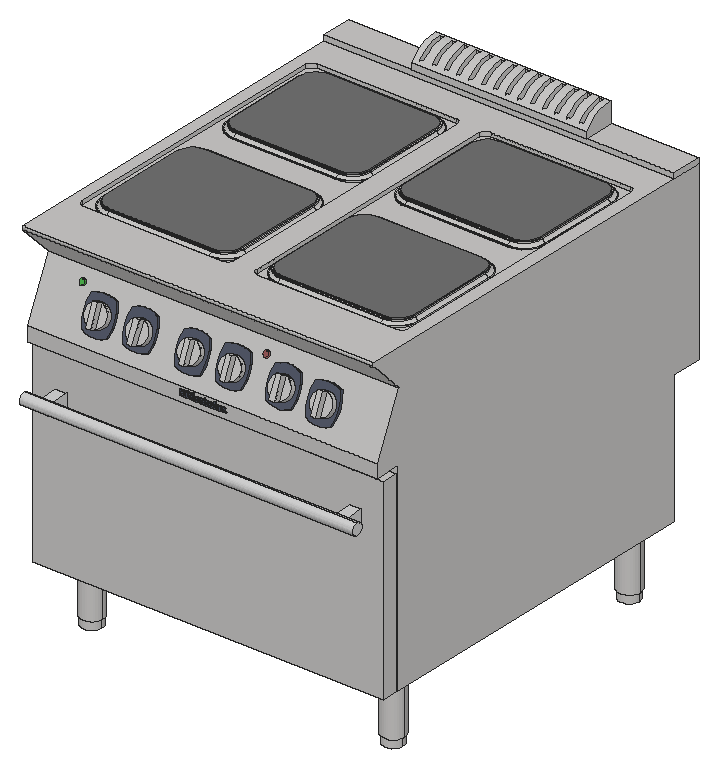
Revit family "QF_ELECTROLUXPROFESSIONAL_391167_E9ECEH4QEN", category Specialty Equipment, Revit 2018
Family settings
  Round Connector Dimension = Use Diameter
  Part Type = Normal
  Work Plane-Based = No
  Always vertical = Yes
  Cut with Voids When Loaded = No
  Shared = No
  Room Calculation Point = No
Parameters
  Width = 800 mm  # constant formula
  Weight in Pounds = 145  # constant formula
  Watts = 22000 VA  # 22000 W
  Volts = 230 V  # constant formula
  URL Cutsheet = "www.electrolux.com/foodservice"
  URL = "www.electrolux.com/foodservice"
  Type Mark [instance] = ""
  Status [instance] = ""
  Specification by User [instance] = ""
  Specification by Manufacturer = ""
  Show Logo [instance] = yes
  Show Clearance [instance] = yes
  Serial Number = ""
  Seismic Rating = ""
  SMACNA No = ""
  Revision Code [instance] = ""
  Phase = 3  # constant formula
  Omniclass Number and Title = ""
  Number of Poles [instance] = 1
  NAFEM Spec ID Number = ""
  Model = "391167"
  Min Ckt Ampacity = 0 A
  Max Overcurrent Protection = 0 A
  Masterspec = ""
  Manufacturer = "ELECTROLUX"
  Item Number [instance] = ""
  Installed By [instance] = ""
  Identify Quantity as Lot [instance] = yes
  Height = 909 mm  # constant formula
  HP = "29.5 HP"
  Furnished By [instance] = ""
  Foodservice Equipment Identifier [instance] = yes
  FL Amps = if(Phase = 3, Watts / (Volts * 1.73), Watts / Volts)  # 55.2903 A
  Electrical Remarks [instance] = "400 V/3N ph/50/60 Hz"  # constant formula
  Electric Connection Type [instance] = ""
  Elec Conn RI Height [instance] = 0 mm
  Elec Conn Connection Height [instance] = 0 mm
  Direct Waste Size = 0"
  Description = "900XP 4 ELECTRIC HOT PLATE 4kW ON ELECTRIC OVEN 230V"
  Depth = 930 mm  # constant formula
  Cycle = if([60 Hertz Option], 60 Hz, 50 Hz)  # 60 Hz
  Conn Plug = ""
  Conn Conduit = yes
  CSI MasterFormat = ""
  CSI Master Format = ""
  Base Height [instance] = 150 mm  # constant formula
  Apparent Power = if(Phase = 3, Volts * FL Amps * 1.73, Volts * FL Amps)  # 22000 VA
  60 Hertz Option = not([50 Hertz Option])  # yes
  50 Hertz Option = no
Reference planes
  plane 1 "BACK": y = 0
  plane 2: z = 0
  plane 3 "LEFT": x = 0
  plane 4 "RIGHT": x = 800
  plane 5 "FRONT": y = -930
  plane 6 "TOP": z = 851
  plane 7 "Center Y": x = 400
  plane 8 "Center X": y = -465
  plane 9 "BASE": z = 150
  plane 10: y = -802
  plane 11: y = -915
  plane 12: y = -128
  plane 13: y = -609
  plane 14: y = -583
  plane 15: x = 56
  plane 16: x = 744
  plane 17: z = 909
  plane 18: y = -1309
Forms (mm)
  Extrusion 1, solid, material "QF_Finishes_Stainless Steel"
    sketch origin (0, 0, 0) x (0, 1, 0) y (0, 0, 1)
      loop
        line (0, 851) -> (-928.041, 851)
        arc (-928.041, 851) -> (-929.999, 846.526) -> (-928.201, 841.985) r 6.35
        line (-928.201, 841.985) -> (-856.039, 767.809) -> (-915, 639.041) -> (-915, 606.789) -> (-859.023, 612.7) -> (-859.023, 150) -> (-71, 150) -> (-71, 450) -> (0, 450) -> (0, 851)
    from 0 to 800
  Extrusion 2, void
    sketch origin (0, -198.623, 849.237) x (-1, 0, 0) y (0, -1, 0)
      loop
        arc (-42.5, -55.089) -> (-31.893, -50.696) -> (-27.5, -40.089) r 15
        line (-27.5, -40.089) -> (-27.5, 595.262)
        arc (-27.5, 595.262) -> (-31.893, 605.868) -> (-42.5, 610.262) r 15
        line (-42.5, 610.262) -> (-359.751, 610.262)
        arc (-359.751, 610.262) -> (-370.358, 605.868) -> (-374.751, 595.262) r 15
        line (-374.751, 595.262) -> (-374.751, -40.089)
        arc (-374.751, -40.089) -> (-370.358, -50.696) -> (-359.751, -55.089) r 15
        line (-359.751, -55.089) -> (-42.5, -55.089)
      loop
        line (-757.5, -55.089) -> (-440.249, -55.089)
        arc (-440.249, -55.089) -> (-429.642, -50.696) -> (-425.249, -40.089) r 15
        line (-425.249, -40.089) -> (-425.249, 595.262)
        arc (-425.249, 595.262) -> (-429.642, 605.868) -> (-440.249, 610.262) r 15
        line (-440.249, 610.262) -> (-757.5, 610.262)
        arc (-757.5, 610.262) -> (-768.107, 605.868) -> (-772.5, 595.262) r 15
        line (-772.5, 595.262) -> (-772.5, -40.089)
        arc (-772.5, -40.089) -> (-768.107, -50.696) -> (-757.5, -55.089) r 15
    from 1.763 to -6.35
  Extrusion 3, solid, material "QF_Clearances", visible <- "Show Clearance", detail levels coarse
    sketch origin (0, -198.623, 634) x (1, 0, 0) y (0, 1, 0)
      loop
        line (0, -731.377) -> (0, 198.623) -> (800, 198.623) -> (800, -731.377) -> (900.019, -731.377) -> (900.019, 298.642) -> (-100.019, 298.642) -> (-100.019, -731.377) -> (0, -731.377)
    from -634 to 333
  Extrusion 4, solid, material "QF_Finishes_Stainless Steel"
    sketch origin (0, -198.623, 842.887) x (-1, 0, 0) y (0, -1, 0)
      loop
        arc (-86.725, 312.377) -> (-58.441, 324.092) -> (-46.725, 352.377) r 40
        line (-46.725, 352.377) -> (-46.725, 553.377)
        arc (-46.725, 553.377) -> (-58.441, 581.661) -> (-86.725, 593.377) r 40
        line (-86.725, 593.377) -> (-321.725, 593.377)
        arc (-321.725, 593.377) -> (-350.009, 581.661) -> (-361.725, 553.377) r 40
        line (-361.725, 553.377) -> (-361.725, 352.377)
        arc (-361.725, 352.377) -> (-350.009, 324.092) -> (-321.725, 312.377) r 40
        line (-321.725, 312.377) -> (-86.725, 312.377)
      loop
        line (-86.725, 230.796) -> (-321.725, 230.796)
        arc (-321.725, 230.796) -> (-350.009, 219.08) -> (-361.725, 190.796) r 40
        line (-361.725, 190.796) -> (-361.725, 1.796)
        arc (-361.725, 1.796) -> (-350.009, -26.488) -> (-321.725, -38.204) r 40
        line (-321.725, -38.204) -> (-86.725, -38.204)
        arc (-86.725, -38.204) -> (-58.441, -26.488) -> (-46.725, 1.796) r 40
        line (-46.725, 1.796) -> (-46.725, 190.796)
        arc (-46.725, 190.796) -> (-58.441, 219.08) -> (-86.725, 230.796) r 40
      loop
        line (-713.275, 312.377) -> (-478.275, 312.377)
        arc (-478.275, 312.377) -> (-449.991, 324.092) -> (-438.275, 352.377) r 40
        line (-438.275, 352.377) -> (-438.275, 553.377)
        arc (-438.275, 553.377) -> (-449.991, 581.661) -> (-478.275, 593.377) r 40
        line (-478.275, 593.377) -> (-713.275, 593.377)
        arc (-713.275, 593.377) -> (-741.559, 581.661) -> (-753.275, 553.377) r 40
        line (-753.275, 553.377) -> (-753.275, 352.377)
        arc (-753.275, 352.377) -> (-741.559, 324.092) -> (-713.275, 312.377) r 40
      loop
        arc (-713.275, 230.796) -> (-741.559, 219.08) -> (-753.275, 190.796) r 40
        line (-753.275, 190.796) -> (-753.275, 1.796)
        arc (-753.275, 1.796) -> (-741.559, -26.488) -> (-713.275, -38.204) r 40
        line (-713.275, -38.204) -> (-478.275, -38.204)
        arc (-478.275, -38.204) -> (-449.991, -26.488) -> (-438.275, 1.796) r 40
        line (-438.275, 1.796) -> (-438.275, 190.796)
        arc (-438.275, 190.796) -> (-449.991, 219.08) -> (-478.275, 230.796) r 40
        line (-478.275, 230.796) -> (-713.275, 230.796)
    from 0 to 10
  Sweep 5, solid, material "QF_Finishes_Stainless Steel"
    path origin (0, -198.623, 852.887) x (-1, 0, 0) y (0, -1, 0)
      loop
        line (-46.725, 352.377) -> (-46.725, 553.377)
        arc (-46.725, 553.377) -> (-58.441, 581.661) -> (-86.725, 593.377) r 40
        line (-86.725, 593.377) -> (-321.725, 593.377)
        arc (-321.725, 593.377) -> (-350.009, 581.661) -> (-361.725, 553.377) r 40
        line (-361.725, 553.377) -> (-361.725, 352.377)
        arc (-361.725, 352.377) -> (-350.009, 324.092) -> (-321.725, 312.377) r 40
        line (-321.725, 312.377) -> (-86.725, 312.377)
        arc (-86.725, 312.377) -> (-58.441, 324.092) -> (-46.725, 352.377) r 40
    profile origin (46.725, -651.5, 852.887) x (1, 0, 0) y (0, 0, 1)
      loop
        arc (0, -1.759) -> (-2.638, -5.472) -> (-6.35, -8.109) r 13.651
        line (-6.35, -8.109) -> (-8.064, -8.109) -> (-8.064, -10) -> (0, -10) -> (0, -1.759)
  Sweep 6, solid, material "QF_Finishes_Stainless Steel"
    path origin (0, 151.957, 852.887) x (-1, 0, 0) y (0, -1, 0)
      loop
        line (-46.725, 352.377) -> (-46.725, 541.377)
        arc (-46.725, 541.377) -> (-58.441, 569.661) -> (-86.725, 581.377) r 40
        line (-86.725, 581.377) -> (-321.725, 581.377)
        arc (-321.725, 581.377) -> (-350.009, 569.661) -> (-361.725, 541.377) r 40
        line (-361.725, 541.377) -> (-361.725, 352.377)
        arc (-361.725, 352.377) -> (-350.009, 324.092) -> (-321.725, 312.377) r 40
        line (-321.725, 312.377) -> (-86.725, 312.377)
        arc (-86.725, 312.377) -> (-58.441, 324.092) -> (-46.725, 352.377) r 40
    profile origin (46.725, -294.919, 852.887) x (1, 0, 0) y (0, 0, 1)
      loop
        arc (0, -1.759) -> (-2.638, -5.472) -> (-6.35, -8.109) r 13.651
        line (-6.35, -8.109) -> (-8.064, -8.109) -> (-8.064, -10) -> (0, -10) -> (0, -1.759)
  Extrusion 7, solid, material "QF_Finishes_Rubber Black"
    sketch origin (0, -198.623, 852.887) x (-1, 0, 0) y (0, -1, 0)
      loop
        arc (-49.725, 190.796) -> (-60.562, 216.959) -> (-86.725, 227.796) r 37
        line (-86.725, 227.796) -> (-321.725, 227.796)
        arc (-321.725, 227.796) -> (-347.888, 216.959) -> (-358.725, 190.796) r 37
        line (-358.725, 190.796) -> (-358.725, 1.796)
        arc (-358.725, 1.796) -> (-347.888, -24.367) -> (-321.725, -35.204) r 37
        line (-321.725, -35.204) -> (-86.725, -35.204)
        arc (-86.725, -35.204) -> (-60.562, -24.367) -> (-49.725, 1.796) r 37
        line (-49.725, 1.796) -> (-49.725, 190.796)
      loop
        arc (-86.725, 315.377) -> (-60.562, 326.214) -> (-49.725, 352.377) r 37
        line (-49.725, 352.377) -> (-49.725, 553.377)
        arc (-49.725, 553.377) -> (-60.562, 579.54) -> (-86.725, 590.377) r 37
        line (-86.725, 590.377) -> (-321.725, 590.377)
        arc (-321.725, 590.377) -> (-347.888, 579.54) -> (-358.725, 553.377) r 37
        line (-358.725, 553.377) -> (-358.725, 352.377)
        arc (-358.725, 352.377) -> (-347.888, 326.214) -> (-321.725, 315.377) r 37
        line (-321.725, 315.377) -> (-86.725, 315.377)
      loop
        line (-750.275, 190.796) -> (-750.275, 1.796)
        arc (-750.275, 1.796) -> (-739.438, -24.367) -> (-713.275, -35.204) r 37
        line (-713.275, -35.204) -> (-478.275, -35.204)
        arc (-478.275, -35.204) -> (-452.112, -24.367) -> (-441.275, 1.796) r 37
        line (-441.275, 1.796) -> (-441.275, 190.796)
        arc (-441.275, 190.796) -> (-452.112, 216.959) -> (-478.275, 227.796) r 37
        line (-478.275, 227.796) -> (-713.275, 227.796)
        arc (-713.275, 227.796) -> (-739.438, 216.959) -> (-750.275, 190.796) r 37
      loop
        line (-713.275, 315.377) -> (-478.275, 315.377)
        arc (-478.275, 315.377) -> (-452.112, 326.214) -> (-441.275, 352.377) r 37
        line (-441.275, 352.377) -> (-441.275, 553.377)
        arc (-441.275, 553.377) -> (-452.112, 579.54) -> (-478.275, 590.377) r 37
        line (-478.275, 590.377) -> (-713.275, 590.377)
        arc (-713.275, 590.377) -> (-739.438, 579.54) -> (-750.275, 553.377) r 37
        line (-750.275, 553.377) -> (-750.275, 352.377)
        arc (-750.275, 352.377) -> (-739.438, 326.214) -> (-713.275, 315.377) r 37
    from 0 to 2
  Extrusion 8, solid, material "QF_Finishes_Green"
    sketch origin (8.75, -915, 639.041) x (0, 0.416318, 0.909219) y (-1, 0, 0)
      loop
        circle (111.946, -80.648) r 6.35
    from 0 to 3.175
  Extrusion 9, solid, material "QF_Finishes_Stainless Steel"
    sketch origin (-24.783, -926.544, 650) x (0, 0.421077, 0.907025) y (-1, 0, 0)
      loop
        line (85.433, -162.517) -> (35.969, -162.517)
        arc (35.969, -162.517) -> (35.301, -168.303) -> (35.969, -174.089) r 25.4
        line (35.969, -174.089) -> (85.433, -174.089)
        arc (85.433, -174.089) -> (86.101, -168.303) -> (85.433, -162.517) r 25.4
      loop
        line (85.433, -257.517) -> (35.969, -257.517)
        arc (35.969, -257.517) -> (35.301, -263.303) -> (35.969, -269.089) r 25.4
        line (35.969, -269.089) -> (85.433, -269.089)
        arc (85.433, -269.089) -> (86.101, -263.303) -> (85.433, -257.517) r 25.4
      loop
        line (85.433, -375.017) -> (35.969, -375.017)
        arc (35.969, -375.017) -> (35.301, -380.803) -> (35.969, -386.589) r 25.4
        line (35.969, -386.589) -> (85.433, -386.589)
        arc (85.433, -386.589) -> (86.101, -380.803) -> (85.433, -375.017) r 25.4
      loop
        line (85.433, -468.767) -> (35.969, -468.767)
        arc (35.969, -468.767) -> (35.301, -474.553) -> (35.969, -480.339) r 25.4
        line (35.969, -480.339) -> (85.433, -480.339)
        arc (85.433, -480.339) -> (86.101, -474.553) -> (85.433, -468.767) r 25.4
      loop
        line (85.433, -582.517) -> (35.969, -582.517)
        arc (35.969, -582.517) -> (35.301, -588.303) -> (35.969, -594.089) r 25.4
        line (35.969, -594.089) -> (85.433, -594.089)
        arc (85.433, -594.089) -> (86.101, -588.303) -> (85.433, -582.517) r 25.4
      loop
        line (85.433, -677.517) -> (35.969, -677.517)
        arc (35.969, -677.517) -> (35.301, -683.303) -> (35.969, -689.089) r 25.4
        line (35.969, -689.089) -> (85.433, -689.089)
        arc (85.433, -689.089) -> (86.101, -683.303) -> (85.433, -677.517) r 25.4
    from 0 to 12.7
  Extrusion 10, solid, material "QF_Finishes_Stainless Steel"
    sketch origin (417.5, -915.025, 642.777) x (0, 0.421077, 0.907025) y (-1, 0, 0)
      loop
        circle (62.576, 274.037) r 25.4
      loop
        circle (62.576, 179.037) r 25.4
      loop
        circle (62.576, 61.537) r 25.4
      loop
        circle (62.576, -32.213) r 25.4
      loop
        circle (62.576, -145.963) r 25.4
      loop
        circle (62.576, -240.963) r 25.4
    from 0 to 12.7
  Extrusion 11, solid, material "QF_Finishes_Stainless Steel"
    sketch origin (0, -117, 150) x (-1, 0, 0) y (0, 1, 0)
      loop
        circle (-753, -596) r 12.7
    from 0 to 12.7
  Extrusion 12, solid, material "QF_Finishes_Stainless Steel"
    sketch origin (0, -117, 150) x (-1, 0, 0) y (0, 1, 0)
      loop
        circle (-757, -459) r 12.7
    from 0 to 12.7
  Extrusion 13, solid, material "QF_Finishes_Navy Blue - Electrolux"
    sketch origin (0, -915, 639.041) x (0, 0.416318, 0.909219) y (-1, 0, 0)
      loop
        arc (103.364, -265.26) -> (110.078, -236.685) -> (103.364, -208.11) r 64.16
        arc (103.364, -208.11) -> (68.487, -201.089) -> (33.619, -208.154) r 89.853
        arc (33.619, -208.154) -> (26.924, -236.685) -> (33.619, -265.215) r 64.14
        arc (33.619, -265.215) -> (68.487, -272.277) -> (103.364, -265.26) r 89.894
      loop
        arc (100.864, -172.403) -> (107.578, -143.828) -> (100.864, -115.253) r 64.16
        arc (100.864, -115.253) -> (65.987, -108.232) -> (31.119, -115.297) r 89.853
        arc (31.119, -115.297) -> (24.424, -143.828) -> (31.119, -172.359) r 64.14
        arc (31.119, -172.359) -> (65.987, -179.42) -> (100.864, -172.403) r 89.894
      loop
        arc (103.364, -534.74) -> (68.487, -527.723) -> (33.619, -534.785) r 89.894
        arc (33.619, -534.785) -> (26.924, -563.315) -> (33.619, -591.846) r 64.14
        arc (33.619, -591.846) -> (68.487, -598.911) -> (103.364, -591.89) r 89.853
        arc (103.364, -591.89) -> (110.078, -563.315) -> (103.364, -534.74) r 64.16
      loop
        arc (100.864, -627.597) -> (65.987, -620.58) -> (31.119, -627.641) r 89.894
        arc (31.119, -627.641) -> (24.424, -656.172) -> (31.119, -684.703) r 64.14
        arc (31.119, -684.703) -> (65.987, -691.768) -> (100.864, -684.747) r 89.853
        arc (100.864, -684.747) -> (107.578, -656.172) -> (100.864, -627.597) r 64.16
      loop
        arc (103.364, -477.479) -> (110.078, -448.904) -> (103.364, -420.329) r 64.16
        arc (103.364, -420.329) -> (68.487, -413.308) -> (33.619, -420.374) r 89.853
        arc (33.619, -420.374) -> (26.924, -448.904) -> (33.619, -477.435) r 64.14
        arc (33.619, -477.435) -> (68.487, -484.496) -> (103.364, -477.479) r 89.894
      loop
        arc (100.864, -384.622) -> (107.578, -356.047) -> (100.864, -327.472) r 64.16
        arc (100.864, -327.472) -> (65.987, -320.452) -> (31.119, -327.517) r 89.853
        arc (31.119, -327.517) -> (24.424, -356.047) -> (31.119, -384.578) r 64.14
        arc (31.119, -384.578) -> (65.987, -391.64) -> (100.864, -384.622) r 89.894
    from 0 to 4
  Extrusion 14, void
    sketch origin (200, 0, 849.237) x (-1, 0, 0) y (0, -1, 0)
      loop
        line (-13.453, 6.761) -> (-13.453, 61.923) -> (-22.749, 61.923) -> (-22.749, 6.761) -> (-13.453, 6.761)
    from 25.4 to 63.5
  Extrusion 15, void
    sketch origin (600.05, 0, 849.237) x (1, 0, 0) y (0, 1, 0)
      loop
        line (-13.503, -6.761) -> (-22.799, -6.761) -> (-22.799, -61.923) -> (-13.503, -61.923) -> (-13.503, -6.761)
    from 25.4 to 63.5
  Extrusion 16, void
    sketch origin (227.988, 0, 849.237) x (-1, 0, 0) y (0, -1, 0)
      loop
        line (-13.453, 6.761) -> (-13.453, 61.923) -> (-22.749, 61.923) -> (-22.749, 6.761) -> (-13.453, 6.761)
    from 25.4 to 63.5
  Extrusion 17, void
    sketch origin (255.977, 0, 849.237) x (-1, 0, 0) y (0, -1, 0)
      loop
        line (-13.453, 6.761) -> (-13.453, 61.923) -> (-22.749, 61.923) -> (-22.749, 6.761) -> (-13.453, 6.761)
    from 25.4 to 63.5
  Extrusion 18, void
    sketch origin (283.965, 0, 849.237) x (-1, 0, 0) y (0, -1, 0)
      loop
        line (-13.428, 6.761) -> (-13.428, 61.923) -> (-22.724, 61.923) -> (-22.724, 6.761) -> (-13.428, 6.761)
    from 25.4 to 63.5
  Extrusion 19, void
    sketch origin (311.953, 0, 849.237) x (-1, 0, 0) y (0, -1, 0)
      loop
        line (-13.428, 6.761) -> (-13.428, 61.923) -> (-22.724, 61.923) -> (-22.724, 6.761) -> (-13.428, 6.761)
    from 25.4 to 63.5
  Extrusion 20, void
    sketch origin (339.942, 0, 849.237) x (-1, 0, 0) y (0, -1, 0)
      loop
        line (-13.428, 6.761) -> (-13.428, 61.923) -> (-22.724, 61.923) -> (-22.724, 6.761) -> (-13.428, 6.761)
    from 25.4 to 63.5
  Extrusion 21, void
    sketch origin (367.93, 0, 849.237) x (-1, 0, 0) y (0, -1, 0)
      loop
        line (-13.428, 6.761) -> (-13.428, 61.923) -> (-22.724, 61.923) -> (-22.724, 6.761) -> (-13.428, 6.761)
    from 25.4 to 63.5
  Extrusion 22, void
    sketch origin (395.918, 0, 849.237) x (-1, 0, 0) y (0, -1, 0)
      loop
        line (-13.428, 6.761) -> (-13.428, 61.923) -> (-22.724, 61.923) -> (-22.724, 6.761) -> (-13.428, 6.761)
    from 25.4 to 63.5
  Extrusion 23, void
    sketch origin (423.907, 0, 849.237) x (-1, 0, 0) y (0, -1, 0)
      loop
        line (-13.428, 6.761) -> (-13.428, 61.923) -> (-22.724, 61.923) -> (-22.724, 6.761) -> (-13.428, 6.761)
    from 25.4 to 63.5
  Extrusion 24, void
    sketch origin (451.895, 0, 849.237) x (-1, 0, 0) y (0, -1, 0)
      loop
        line (-13.428, 6.761) -> (-13.428, 61.923) -> (-22.724, 61.923) -> (-22.724, 6.761) -> (-13.428, 6.761)
    from 25.4 to 63.5
  Extrusion 25, void
    sketch origin (479.884, 0, 849.237) x (-1, 0, 0) y (0, -1, 0)
      loop
        line (-13.403, 6.761) -> (-13.403, 61.923) -> (-22.699, 61.923) -> (-22.699, 6.761) -> (-13.403, 6.761)
    from 25.4 to 63.5
  Extrusion 26, void
    sketch origin (507.872, 0, 849.237) x (-1, 0, 0) y (0, -1, 0)
      loop
        line (-13.403, 6.761) -> (-13.403, 61.923) -> (-22.699, 61.923) -> (-22.699, 6.761) -> (-13.403, 6.761)
    from 25.4 to 63.5
  Extrusion 27, void
    sketch origin (535.86, 0, 849.237) x (-1, 0, 0) y (0, -1, 0)
      loop
        line (-13.403, 6.761) -> (-13.403, 61.923) -> (-22.699, 61.923) -> (-22.699, 6.761) -> (-13.403, 6.761)
    from 25.4 to 63.5
  Sweep 28, solid, material "QF_Finishes_Stainless Steel"
    path origin (800, -198.623, 852.887) x (1, 0, 0) y (0, 1, 0)
      loop
        arc (-46.725, -352.377) -> (-58.441, -324.092) -> (-86.725, -312.377) r 40
        line (-86.725, -312.377) -> (-321.725, -312.377)
        arc (-321.725, -312.377) -> (-350.009, -324.092) -> (-361.725, -352.377) r 40
        line (-361.725, -352.377) -> (-361.725, -553.377)
        arc (-361.725, -553.377) -> (-350.009, -581.661) -> (-321.725, -593.377) r 40
        line (-321.725, -593.377) -> (-86.725, -593.377)
        arc (-86.725, -593.377) -> (-58.441, -581.661) -> (-46.725, -553.377) r 40
        line (-46.725, -553.377) -> (-46.725, -352.377)
    profile origin (753.275, -651.5, 852.887) x (1, 0, 0) y (0, 0, 1)
      loop
        line (0, -1.759) -> (0, -10) -> (8.064, -10) -> (8.064, -8.109) -> (6.35, -8.109)
        arc (6.35, -8.109) -> (2.638, -5.472) -> (0, -1.759) r 13.651
  Sweep 29, solid, material "QF_Finishes_Stainless Steel"
    path origin (800, 151.957, 852.887) x (1, 0, 0) y (0, 1, 0)
      loop
        arc (-46.725, -352.377) -> (-58.441, -324.092) -> (-86.725, -312.377) r 40
        line (-86.725, -312.377) -> (-321.725, -312.377)
        arc (-321.725, -312.377) -> (-350.009, -324.092) -> (-361.725, -352.377) r 40
        line (-361.725, -352.377) -> (-361.725, -541.377)
        arc (-361.725, -541.377) -> (-350.009, -569.661) -> (-321.725, -581.377) r 40
        line (-321.725, -581.377) -> (-86.725, -581.377)
        arc (-86.725, -581.377) -> (-58.441, -569.661) -> (-46.725, -541.377) r 40
        line (-46.725, -541.377) -> (-46.725, -352.377)
    profile origin (753.275, -294.919, 852.887) x (1, 0, 0) y (0, 0, 1)
      loop
        line (0, -1.759) -> (0, -10) -> (8.064, -10) -> (8.064, -8.109) -> (6.35, -8.109)
        arc (6.35, -8.109) -> (2.638, -5.472) -> (0, -1.759) r 13.651
  Extrusion 30, solid, material "QF_Finishes_Stainless Steel"
    sketch origin (0, -859.023, 150) x (0, 0, 1) y (-1, 0, 0)
      loop
        line (0, 0) -> (0, -800) -> (445.711, -800) -> (445.711, 0) -> (0, 0)
    from 5 to 41
  Revolve 31, solid, material "QF_Finishes_Stainless Steel"
    sketch origin (689, -802, 0) x (1, 0, 0) y (0, 0, 1)
      loop
        line (55, 0) -> (55, 150) -> (29.6, 150) -> (29.6, 19.05) -> (32.1, 19.05) -> (32.1, 0) -> (55, 0)
      axis (55, 0) -> (55, 150)
    angle from 0 to 360
  Revolve 32, solid, material "QF_Finishes_Stainless Steel"
    sketch origin (1, -802, 0) x (1, 0, 0) y (0, 0, 1)
      loop
        line (55, 0) -> (55, 150) -> (29.6, 150) -> (29.6, 19.05) -> (32.1, 19.05) -> (32.1, 0) -> (55, 0)
      axis (55, 0) -> (55, 150)
    angle from 0 to 360
  Revolve 33, solid, material "QF_Finishes_Stainless Steel"
    sketch origin (689, -128, 0) x (1, 0, 0) y (0, 0, 1)
      loop
        line (55, 0) -> (55, 150) -> (29.6, 150) -> (29.6, 19.05) -> (32.1, 19.05) -> (32.1, 0) -> (55, 0)
      axis (55, 0) -> (55, 150)
    angle from 0 to 360
  Revolve 34, solid, material "QF_Finishes_Stainless Steel"
    sketch origin (1, -128, 0) x (1, 0, 0) y (0, 0, 1)
      loop
        line (55, 0) -> (55, 150) -> (29.6, 150) -> (29.6, 19.05) -> (32.1, 19.05) -> (32.1, 0) -> (55, 0)
      axis (55, 0) -> (55, 150)
    angle from 0 to 360
  Extrusion 35, solid, material "QF_Finishes_Stainless Steel"
    sketch origin (200, 0, 634) x (0, 1, 0) y (0, 0, 1)
      loop
        line (0, 228.923) -> (0, 275.762)
        arc (0, 275.762) -> (-38.885, 267.372) -> (-69.85, 242.4) r 86.116
        line (-69.85, 242.4) -> (-69.85, 228.923) -> (0, 228.923)
    from 0 to 400
  Extrusion 36, solid, material "QF_Door-Drawer Clearances", visible <- "Show Clearance", detail levels coarse
    sketch origin (0, -859.023, 595.711) x (0, 0, -1) y (0, -1, 0)
      loop
        line (0, 41) -> (445.711, 41) -> (445.711, 392.895)
        arc (445.711, 392.895) -> (157.765, 299.391) -> (0, 41) r 436.284
    from 0 to -800
  Extrusion 37, solid, material "QF_Finishes_Handrails and Railings"
    sketch origin (800, -852.093, 150) x (0, 0, 1) y (0, -1, 0)
      loop
        line (371.951, 47.778) -> (369.246, 86.456)
        arc (369.246, 86.456) -> (355.439, 87.649) -> (350.943, 100.759) r 12.7
        arc (350.943, 100.759) -> (350.126, 100.218) -> (349.351, 99.619) r 13.441
        arc (349.351, 99.619) -> (347.905, 97.814) -> (347.285, 95.586) r 5.77
        line (347.285, 95.586) -> (343.942, 47.778) -> (371.951, 47.778)
    from -76.2 to -50.8
  Extrusion 38, solid, material "QF_Finishes_Handrails and Railings"
    sketch origin (0, -852.093, 602.071) x (0, 0, -1) y (0, -1, 0)
      loop
        circle (88.812, 97.656) r 12.7
    from -19.875 to -780.125
  Extrusion 39, solid, material "QF_Finishes_Handrails and Railings"
    sketch origin (0, -852.093, 150) x (0, 0, 1) y (0, 1, 0)
      loop
        line (371.951, -47.778) -> (343.942, -47.778) -> (347.285, -95.586)
        arc (347.285, -95.586) -> (347.905, -97.814) -> (349.351, -99.619) r 5.77
        arc (349.351, -99.619) -> (350.126, -100.218) -> (350.943, -100.759) r 13.441
        arc (350.943, -100.759) -> (355.439, -87.649) -> (369.246, -86.456) r 12.7
        line (369.246, -86.456) -> (371.951, -47.778)
    from -76.2 to -50.8
  Extrusion 40, solid, material "QF_Finishes_Stainless Steel"
    sketch origin (800, 0, 0) x (0, 1, 0) y (0, 0, 1)
      loop
        line (-69.85, 851) -> (0, 851) -> (0, 862.923) -> (-69.85, 862.923) -> (-69.85, 851)
    from 0 to -800
  Extrusion 41, solid, material "QF_Finishes_Red"
    sketch origin (428.75, -915, 639.041) x (0, 0.416318, 0.909219) y (-1, 0, 0)
      loop
        circle (111.946, -80.648) r 6.35
    from 0 to 3.175
  Extrusion 42, solid, material "QF_Finishes_Navy Blue", visible <- "Show Logo"
    sketch origin (0, -915, 607.09) x (0, 0, 1) y (-1, 0, 0)
      loop
        line (27.074, -357.34) -> (14.707, -357.34)
        arc (14.707, -357.34) -> (20.891, -361.912) -> (27.074, -357.34) r 6.467
      loop
        arc (27.074, -356.711) -> (25.905, -351.568) -> (21.249, -349.09) r 6.338
        line (21.249, -349.09) -> (21.249, -351.136)
        arc (21.249, -351.136) -> (22.733, -354.791) -> (26.178, -356.711) r 5.941
        line (26.178, -356.711) -> (27.074, -356.711)
      loop
        arc (15.603, -356.711) -> (19.048, -354.791) -> (20.532, -351.136) r 5.941
        line (20.532, -351.136) -> (20.532, -349.09)
        arc (20.532, -349.09) -> (15.838, -351.564) -> (14.548, -356.711) r 6.504
        line (14.548, -356.711) -> (15.603, -356.711)
      loop
        line (27.749, -348.621) -> (14.004, -348.621) -> (14.004, -362.384) -> (27.749, -362.384) -> (27.749, -348.621)
      loop
        arc (27.832, -365.352) -> (27.485, -364.994) -> (27.118, -365.332) r 0.358
        arc (27.118, -365.332) -> (26.804, -366.082) -> (26.087, -366.467) r 1.216
        line (26.087, -366.467) -> (15.674, -366.467)
        arc (15.674, -366.467) -> (15.014, -366.19) -> (14.618, -365.593) r 1.238
        arc (14.618, -365.593) -> (14.223, -365.342) -> (13.918, -365.696) r 0.358
        line (13.918, -365.696) -> (13.918, -375.575) -> (16.669, -375.575) -> (16.669, -374.678)
        arc (16.669, -374.678) -> (15.76, -374.098) -> (15.304, -373.121) r 1.928
        line (15.304, -373.121) -> (15.304, -370.622)
        arc (15.304, -370.622) -> (15.58, -369.893) -> (16.268, -369.529) r 1.101
        line (16.268, -369.529) -> (20.355, -369.529) -> (20.355, -373.203)
        arc (20.355, -373.203) -> (20.002, -373.7) -> (19.437, -373.928) r 1.083
        arc (19.437, -373.928) -> (19.173, -374.233) -> (19.465, -374.511) r 0.292
        line (19.465, -374.511) -> (22.428, -374.511)
        arc (22.428, -374.511) -> (22.73, -374.238) -> (22.492, -373.908) r 0.305
        arc (22.492, -373.908) -> (22.001, -373.66) -> (21.696, -373.203) r 1.083
        line (21.696, -373.203) -> (21.696, -369.529) -> (26.373, -369.529) -> (26.373, -373.277)
        arc (26.373, -373.277) -> (26.159, -374.032) -> (25.553, -374.53) r 1.314
        arc (25.553, -374.53) -> (25.334, -374.934) -> (25.688, -375.227) r 0.361
        line (25.688, -375.227) -> (27.832, -375.227) -> (27.832, -365.352)
      loop
        arc (27.115, -376.007) -> (26.735, -376.926) -> (25.816, -377.306) r 1.299
        line (25.816, -377.306) -> (16.237, -377.306)
        arc (16.237, -377.306) -> (15.399, -376.928) -> (15.128, -376.05) r 1.118
        line (15.128, -376.05) -> (13.918, -376.05) -> (13.918, -381.4) -> (15.106, -381.4)
        arc (15.106, -381.4) -> (15.378, -380.483) -> (16.248, -380.087) r 1.153
        line (16.248, -380.087) -> (28.32, -380.087) -> (27.115, -376.007)
      loop
        line (18.883, -384.036) -> (18.883, -390.484) -> (19.682, -390.484)
        arc (19.682, -390.484) -> (22.262, -389.499) -> (23.531, -387.046) r 3.874
        line (23.531, -387.046) -> (23.531, -385.285)
        arc (23.531, -385.285) -> (22.344, -382.42) -> (19.48, -381.234) r 4.051
        line (19.48, -381.234) -> (17.472, -381.234)
        arc (17.472, -381.234) -> (14.653, -382.719) -> (13.602, -385.726) r 4.352
        arc (13.602, -385.726) -> (13.966, -388.189) -> (15.343, -390.264) r 5.713
        line (15.343, -390.264) -> (16.292, -390.264)
        arc (16.292, -390.264) -> (15.56, -388.694) -> (15.343, -386.976) r 5.579
        arc (15.343, -386.976) -> (16.137, -385.013) -> (18.016, -384.036) r 3.057
        line (18.016, -384.036) -> (18.883, -384.036)
      loop
        line (20.142, -384.036) -> (20.142, -387.619)
        arc (20.142, -387.619) -> (21.599, -387.666) -> (22.482, -386.506) r 1.59
        line (22.482, -386.506) -> (22.482, -385.676)
        arc (22.482, -385.676) -> (21.617, -384.421) -> (20.142, -384.036) r 2.184
      loop
        arc (22.933, -399.901) -> (23.422, -398.227) -> (23.579, -396.49) r 9.023
        line (23.579, -396.49) -> (23.579, -395.128)
        arc (23.579, -395.128) -> (22.42, -392.328) -> (19.62, -391.169) r 3.959
        line (19.62, -391.169) -> (17.02, -391.169)
        arc (17.02, -391.169) -> (14.738, -392.461) -> (13.621, -394.834) r 4.331
        line (13.621, -394.834) -> (13.621, -396.969)
        arc (13.621, -396.969) -> (14.129, -398.519) -> (15.051, -399.865) r 5.772
        arc (15.051, -399.865) -> (15.812, -399.916) -> (15.899, -399.157) r 0.553
        arc (15.899, -399.157) -> (15.511, -398.423) -> (15.377, -397.604) r 2.573
        line (15.377, -397.604) -> (15.377, -396.089)
        arc (15.377, -396.089) -> (16.383, -394.448) -> (18.198, -393.805) r 2.884
        line (18.198, -393.805) -> (19.477, -393.805)
        arc (19.477, -393.805) -> (21.298, -394.365) -> (22.224, -396.03) r 2.554
        line (22.224, -396.03) -> (22.224, -397.083)
        arc (22.224, -397.083) -> (21.893, -398.011) -> (21.236, -398.746) r 2.564
        arc (21.236, -398.746) -> (21.014, -399.463) -> (21.623, -399.901) r 0.643
        line (21.623, -399.901) -> (22.933, -399.901)
      loop
        line (21.915, -400.172) -> (21.915, -401.673) -> (15.867, -401.673)
        arc (15.867, -401.673) -> (14.279, -402.33) -> (13.621, -403.918) r 2.246
        line (13.621, -403.918) -> (13.621, -405.502)
        arc (13.621, -405.502) -> (13.935, -406.367) -> (14.435, -407.138) r 4.06
        arc (14.435, -407.138) -> (15.168, -407.271) -> (15.419, -406.57) r 0.576
        arc (15.419, -406.57) -> (15.313, -406.045) -> (15.377, -405.512) r 1.69
        arc (15.377, -405.512) -> (15.919, -404.724) -> (16.825, -404.421) r 1.506
        line (16.825, -404.421) -> (21.963, -404.421) -> (21.963, -406.818) -> (22.519, -407.375) -> (23.341, -407.375) -> (23.341, -404.515) -> (26.572, -404.515) -> (21.915, -400.172)
      loop
        line (13.838, -408.272) -> (13.838, -413.659) -> (14.948, -413.659)
        arc (14.948, -413.659) -> (15.342, -412.708) -> (16.293, -412.314) r 1.345
        line (16.293, -412.314) -> (19.909, -412.314)
        arc (19.909, -412.314) -> (20.674, -412.906) -> (20.964, -413.828) r 1.615
        line (20.964, -413.828) -> (20.964, -415.384) -> (23.519, -416.069) -> (23.519, -414.686) -> (21.577, -412.127) -> (23.457, -412.127) -> (23.173, -409.421)
        arc (23.173, -409.421) -> (22.733, -408.891) -> (22.074, -409.092) r 0.621
        arc (22.074, -409.092) -> (21.674, -409.434) -> (21.18, -409.617) r 1.501
        line (21.18, -409.617) -> (16.293, -409.617)
        arc (16.293, -409.617) -> (15.342, -409.223) -> (14.948, -408.272) r 1.345
        line (14.948, -408.272) -> (13.838, -408.272)
      loop
        line (19.94, -415.606) -> (17.248, -415.606)
        arc (17.248, -415.606) -> (14.803, -416.914) -> (13.669, -419.445) r 4.288
        arc (13.669, -419.445) -> (13.605, -420.825) -> (13.669, -422.205) r 15.022
        arc (13.669, -422.205) -> (14.803, -424.736) -> (17.248, -426.043) r 4.288
        line (17.248, -426.043) -> (19.94, -426.043)
        arc (19.94, -426.043) -> (22.386, -424.736) -> (23.519, -422.205) r 4.288
        arc (23.519, -422.205) -> (23.583, -420.825) -> (23.519, -419.445) r 15.022
        arc (23.519, -419.445) -> (22.386, -416.914) -> (19.94, -415.606) r 4.288
      loop
        line (20.145, -418.721) -> (17.043, -418.721)
        arc (17.043, -418.721) -> (14.886, -420.877) -> (17.043, -423.034) r 2.157
        line (17.043, -423.034) -> (20.145, -423.034)
        arc (20.145, -423.034) -> (22.302, -420.877) -> (20.145, -418.721) r 2.157
      loop
        arc (27.126, -425.902) -> (26.755, -426.796) -> (25.861, -427.166) r 1.264
        line (25.861, -427.166) -> (15.997, -427.166)
        arc (15.997, -427.166) -> (15.127, -426.769) -> (14.855, -425.853) r 1.153
        line (14.855, -425.853) -> (13.918, -425.853) -> (13.918, -430.961) -> (14.846, -430.961)
        arc (14.846, -430.961) -> (15.205, -430.189) -> (15.997, -429.874) r 1.153
        line (15.997, -429.874) -> (28.32, -429.874) -> (27.126, -425.902)
      loop
        arc (22.246, -430.499) -> (22.047, -431.563) -> (21.078, -432.045) r 1.215
        line (21.078, -432.045) -> (16.058, -432.045)
        arc (16.058, -432.045) -> (14.443, -432.693) -> (13.722, -434.276) r 2.338
        line (13.722, -434.276) -> (13.722, -435.79)
        arc (13.722, -435.79) -> (13.897, -436.794) -> (14.399, -437.68) r 2.979
        line (14.399, -437.68) -> (13.918, -439.477) -> (13.918, -441.166) -> (23.343, -441.166) -> (23.049, -436.962) -> (22.263, -436.962)
        arc (22.263, -436.962) -> (21.907, -437.798) -> (21.155, -438.307) r 1.605
        line (21.155, -438.307) -> (16.052, -438.307)
        arc (16.052, -438.307) -> (15.632, -437.37) -> (15.559, -436.346) r 2.94
        arc (15.559, -436.346) -> (16.12, -435.245) -> (17.273, -434.802) r 1.724
        line (17.273, -434.802) -> (23.47, -434.802) -> (22.246, -430.499)
      loop
        line (23.274, -442.019) -> (21.602, -444.065) -> (18.428, -446.371) -> (14.972, -443.259)
        arc (14.972, -443.259) -> (14.735, -442.865) -> (14.757, -442.406) r 0.789
        line (14.757, -442.406) -> (13.918, -442.406) -> (13.918, -445.951) -> (14.744, -445.951)
        arc (14.744, -445.951) -> (15.086, -445.589) -> (15.576, -445.681) r 0.52
        line (15.576, -445.681) -> (17.376, -447.152) -> (15.258, -448.528)
        arc (15.258, -448.528) -> (14.857, -448.218) -> (14.77, -447.718) r 0.7
        line (14.77, -447.718) -> (13.918, -447.718) -> (13.918, -453.645) -> (14.805, -453.645)
        arc (14.805, -453.645) -> (14.872, -452.986) -> (15.266, -452.455) r 1.247
        line (15.266, -452.455) -> (19.466, -449.174) -> (21.913, -451.227) -> (23.274, -452.969) -> (23.274, -449.246) -> (21.789, -449.668) -> (20.268, -448.391) -> (21.968, -447.201) -> (23.274, -447.978) -> (23.274, -442.019)
    from 0 to 1.644
Cuts and joins
  Extrusion 2 cuts Extrusion 1
  Extrusion 2 cuts Extrusion 4
  Extrusion 14, Extrusion 15, Extrusion 16, Extrusion 17, Extrusion 18, Extrusion 19, Extrusion 20, Extrusion 21, Extrusion 22, Extrusion 23, Extrusion 24, Extrusion 25, Extrusion 26, Extrusion 27 cuts Extrusion 35
Lines and regions (mm)
  symbolic lines
    curve 1: line (800, -930, 266.887) -> (0, -930, 266.888)
    curve 5: line (400, -930, 401) -> (0, -930, 401)
    curve 6: line (27.5, -793.885, 266.888) -> (27.5, -158.534, 266.888)
    curve 7: line (42.5, -143.534, 266.888) -> (359.751, -143.534, 266.887)
    curve 8: line (374.751, -158.534, 266.887) -> (374.751, -793.885, 266.887)
    curve 9: line (359.751, -808.885, 266.887) -> (42.5, -808.885, 266.888)
    curve 10: arc (42.5, -143.534, 266.888) -> (31.893, -147.928, 266.888) -> (27.5, -158.534, 266.888) r 15
    curve 11: arc (374.751, -158.534, 266.887) -> (370.358, -147.928, 266.887) -> (359.751, -143.534, 266.887) r 15
    curve 12: arc (359.751, -808.885, 266.887) -> (370.358, -804.492, 266.887) -> (374.751, -793.885, 266.887) r 15
    curve 13: arc (27.5, -793.885, 266.888) -> (31.893, -804.492, 266.888) -> (42.5, -808.885, 266.888) r 15
    curve 14: arc (86.725, -163.419, 266.888) -> (60.562, -174.256, 266.888) -> (49.725, -200.419, 266.888) r 37
    curve 15: line (49.725, -200.419, 266.888) -> (49.725, -389.419, 266.888)
    curve 16: arc (49.725, -389.419, 266.888) -> (60.562, -415.582, 266.888) -> (86.725, -426.419, 266.888) r 37
    curve 17: line (86.725, -426.419, 266.888) -> (321.725, -426.419, 266.887)
    curve 18: arc (321.725, -426.419, 266.887) -> (347.888, -415.582, 266.887) -> (358.725, -389.419, 266.887) r 37
    curve 19: line (358.725, -389.419, 266.887) -> (358.725, -200.419, 266.887)
    curve 20: arc (358.725, -200.419, 266.887) -> (347.888, -174.256, 266.887) -> (321.725, -163.419, 266.887) r 37
    curve 21: line (321.725, -163.419, 266.887) -> (86.725, -163.419, 266.888)
    curve 22: arc (86.725, -160.419, 266.888) -> (58.441, -172.135, 266.888) -> (46.725, -200.419, 266.888) r 40
    curve 23: line (46.725, -200.419, 266.888) -> (46.725, -389.419, 266.888)
    curve 24: arc (46.725, -389.419, 266.888) -> (58.441, -417.704, 266.888) -> (86.725, -429.419, 266.888) r 40
    curve 25: line (86.725, -429.419, 266.888) -> (321.725, -429.419, 266.887)
    curve 26: arc (321.725, -429.419, 266.887) -> (350.009, -417.704, 266.887) -> (361.725, -389.419, 266.887) r 40
    curve 27: line (361.725, -389.419, 266.887) -> (361.725, -200.419, 266.887)
    curve 28: arc (361.725, -200.419, 266.887) -> (350.009, -172.135, 266.887) -> (321.725, -160.419, 266.887) r 40
    curve 29: line (321.725, -160.419, 266.887) -> (86.725, -160.419, 266.888)
    curve 30: arc (40.375, -200.419, 266.888) -> (53.951, -167.645, 266.888) -> (86.725, -154.069, 266.888) r 46.35
    curve 31: line (86.725, -154.069, 266.888) -> (321.725, -154.069, 266.887)
    curve 32: arc (321.725, -154.069, 266.887) -> (354.499, -167.645, 266.887) -> (368.075, -200.419, 266.887) r 46.35
    curve 33: line (368.075, -200.419, 266.887) -> (368.075, -389.419, 266.887)
    curve 34: arc (368.075, -389.419, 266.887) -> (354.499, -422.194, 266.887) -> (321.725, -435.769, 266.887) r 46.35
    curve 35: line (321.725, -435.769, 266.887) -> (86.725, -435.769, 266.888)
    curve 36: arc (86.725, -435.769, 266.888) -> (53.951, -422.194, 266.888) -> (40.375, -389.419, 266.888) r 46.35
    curve 37: line (40.375, -389.419, 266.888) -> (40.375, -200.419, 266.888)
    curve 38: arc (86.725, -152.355, 266.888) -> (52.738, -166.433, 266.888) -> (38.661, -200.419, 266.888) r 48.064
    curve 39: line (38.661, -200.419, 266.888) -> (38.661, -389.419, 266.888)
    curve 40: arc (38.661, -389.419, 266.888) -> (52.738, -423.406, 266.888) -> (86.725, -437.484, 266.888) r 48.064
    curve 41: line (86.725, -437.484, 266.888) -> (321.725, -437.484, 266.887)
    curve 42: arc (321.725, -437.484, 266.887) -> (355.712, -423.406, 266.887) -> (369.789, -389.419, 266.887) r 48.064
    curve 43: line (369.789, -389.419, 266.887) -> (369.789, -200.419, 266.887)
    curve 44: arc (369.789, -200.419, 266.887) -> (355.712, -166.433, 266.887) -> (321.725, -152.355, 266.887) r 48.064
    curve 45: line (321.725, -152.355, 266.887) -> (86.725, -152.355, 266.888)
    curve 46: arc (86.725, -511, 266.888) -> (58.441, -522.716, 266.888) -> (46.725, -551, 266.888) r 40
    curve 47: line (46.725, -551, 266.888) -> (46.725, -752, 266.888)
    curve 48: arc (46.725, -752, 266.888) -> (58.441, -780.284, 266.888) -> (86.725, -792, 266.888) r 40
    curve 49: line (86.725, -792, 266.888) -> (321.725, -792, 266.887)
    curve 50: arc (321.725, -792, 266.887) -> (350.009, -780.284, 266.887) -> (361.725, -752, 266.887) r 40
    curve 51: line (361.725, -752, 266.887) -> (361.725, -551, 266.887)
    curve 52: arc (361.725, -551, 266.887) -> (350.009, -522.716, 266.887) -> (321.725, -511, 266.887) r 40
    curve 53: line (321.725, -511, 266.887) -> (86.725, -511, 266.888)
    curve 54: arc (86.725, -514, 266.888) -> (60.562, -524.837, 266.888) -> (49.725, -551, 266.888) r 37
    curve 55: line (49.725, -551, 266.888) -> (49.725, -752, 266.888)
    curve 56: arc (49.725, -752, 266.888) -> (60.562, -778.163, 266.888) -> (86.725, -789, 266.888) r 37
    curve 57: line (86.725, -789, 266.888) -> (321.725, -789, 266.887)
    curve 58: arc (321.725, -789, 266.887) -> (347.888, -778.163, 266.887) -> (358.725, -752, 266.887) r 37
    curve 59: line (358.725, -752, 266.887) -> (358.725, -551, 266.887)
    curve 60: arc (358.725, -551, 266.887) -> (347.888, -524.837, 266.887) -> (321.725, -514, 266.887) r 37
    curve 61: line (321.725, -514, 266.887) -> (86.725, -514, 266.888)
    curve 62: line (0, -930, 266.888) -> (0, 0, 266.888)
    curve 63: line (222.724, -6.761, 401) -> (222.724, -61.923, 401)
    curve 64: line (222.724, -61.923, 401) -> (213.428, -61.923, 401)
    curve 65: line (213.428, -61.923, 401) -> (213.428, -6.761, 401)
    curve 66: line (213.428, -6.761, 401) -> (222.724, -6.761, 401)
    curve 67: line (586.547, -6.761, 401) -> (586.547, -61.923, 401)
    curve 68: line (586.547, -61.923, 401) -> (577.251, -61.923, 401)
    curve 69: line (577.251, -61.923, 401) -> (577.251, -6.761, 401)
    curve 70: line (577.251, -6.761, 401) -> (586.547, -6.761, 401)
    curve 71: line (250.712, -6.761, 401) -> (250.712, -61.923, 401)
    curve 72: line (250.712, -61.923, 401) -> (241.416, -61.923, 401)
    curve 73: line (241.416, -61.923, 401) -> (241.416, -6.761, 401)
    curve 74: line (241.416, -6.761, 401) -> (250.712, -6.761, 401)
    curve 75: line (278.7, -6.761, 401) -> (278.7, -61.923, 401)
    curve 76: line (278.7, -61.923, 401) -> (269.405, -61.923, 401)
    curve 77: line (269.405, -61.923, 401) -> (269.405, -6.761, 401)
    curve 78: line (269.405, -6.761, 401) -> (278.7, -6.761, 401)
    curve 79: line (306.689, -6.761, 401) -> (306.689, -61.923, 401)
    curve 80: line (306.689, -61.923, 401) -> (297.393, -61.923, 401)
    curve 81: line (297.393, -61.923, 401) -> (297.393, -6.761, 401)
    curve 82: line (297.393, -6.761, 401) -> (306.689, -6.761, 401)
    curve 83: line (334.677, -6.761, 401) -> (334.677, -61.923, 401)
    curve 84: line (334.677, -61.923, 401) -> (325.381, -61.923, 401)
    curve 85: line (325.381, -61.923, 401) -> (325.381, -6.761, 401)
    curve 86: line (325.381, -6.761, 401) -> (334.677, -6.761, 401)
    curve 87: line (362.665, -6.761, 401) -> (362.665, -61.923, 401)
    curve 88: line (362.665, -61.923, 401) -> (353.37, -61.923, 401)
    curve 89: line (353.37, -61.923, 401) -> (353.37, -6.761, 401)
    curve 90: line (353.37, -6.761, 401) -> (362.665, -6.761, 401)
    curve 91: line (390.654, -6.761, 401) -> (390.654, -61.923, 401)
    curve 92: line (390.654, -61.923, 401) -> (381.358, -61.923, 401)
    curve 93: line (381.358, -61.923, 401) -> (381.358, -6.761, 401)
    curve 94: line (381.358, -6.761, 401) -> (390.654, -6.761, 401)
    curve 95: line (418.642, -6.761, 401) -> (418.642, -61.923, 401)
    curve 96: line (418.642, -61.923, 401) -> (409.346, -61.923, 401)
    curve 97: line (409.346, -61.923, 401) -> (409.346, -6.761, 401)
    curve 98: line (409.346, -6.761, 401) -> (418.642, -6.761, 401)
    curve 99: line (446.605, -6.761, 401) -> (446.605, -61.923, 401)
    curve 100: line (446.605, -61.923, 401) -> (437.31, -61.923, 401)
    curve 101: line (437.31, -61.923, 401) -> (437.31, -6.761, 401)
    curve 102: line (437.31, -6.761, 401) -> (446.605, -6.761, 401)
    curve 103: line (474.594, -6.761, 401) -> (474.594, -61.923, 401)
    curve 104: line (474.594, -61.923, 401) -> (465.298, -61.923, 401)
    curve 105: line (465.298, -61.923, 401) -> (465.298, -6.761, 401)
    curve 106: line (465.298, -6.761, 401) -> (474.594, -6.761, 401)
    curve 107: line (502.582, -6.761, 401) -> (502.582, -61.923, 401)
    curve 108: line (502.582, -61.923, 401) -> (493.286, -61.923, 401)
    curve 109: line (493.286, -61.923, 401) -> (493.286, -6.761, 401)
    curve 110: line (493.286, -6.761, 401) -> (502.582, -6.761, 401)
    curve 111: line (530.57, -6.761, 401) -> (530.57, -61.923, 401)
    curve 112: line (530.57, -61.923, 401) -> (521.275, -61.923, 401)
    curve 113: line (521.275, -61.923, 401) -> (521.275, -6.761, 401)
    curve 114: line (521.275, -6.761, 401) -> (530.57, -6.761, 401)
    curve 115: line (558.559, -6.761, 401) -> (558.559, -61.923, 401)
    curve 116: line (558.559, -61.923, 401) -> (549.263, -61.923, 401)
    curve 117: line (549.263, -61.923, 401) -> (549.263, -6.761, 401)
    curve 118: line (549.263, -6.761, 401) -> (558.559, -6.761, 401)
    curve 119: line (600, -69.85, 401) -> (200, -69.85, 401)
    curve 120: line (200, 0, 266.887) -> (200, -69.85, 266.887)
    curve 121: line (600, -69.85, 266.887) -> (600, 0, 266.887)
    curve 122: arc (713.275, -163.419, 266.887) -> (739.438, -174.256, 266.887) -> (750.275, -200.419, 266.887) r 37
    curve 123: line (750.275, -200.419, 266.887) -> (750.275, -389.419, 266.887)
    curve 124: arc (750.275, -389.419, 266.887) -> (739.438, -415.582, 266.887) -> (713.275, -426.419, 266.887) r 37
    curve 125: line (713.275, -426.419, 266.888) -> (478.275, -426.419, 266.887)
    curve 126: arc (478.275, -426.419, 266.887) -> (452.112, -415.582, 266.887) -> (441.275, -389.419, 266.887) r 37
    curve 127: line (441.275, -389.419, 266.887) -> (441.275, -200.419, 266.887)
    curve 128: arc (441.275, -200.419, 266.887) -> (452.112, -174.256, 266.887) -> (478.275, -163.419, 266.887) r 37
    curve 129: line (478.275, -163.419, 266.887) -> (713.275, -163.419, 266.887)
    curve 130: arc (713.275, -160.419, 266.887) -> (741.559, -172.135, 266.887) -> (753.275, -200.419, 266.887) r 40
    curve 131: line (753.275, -200.419, 266.887) -> (753.275, -389.419, 266.887)
    curve 132: arc (753.275, -389.419, 266.887) -> (741.559, -417.704, 266.887) -> (713.275, -429.419, 266.887) r 40
    curve 133: line (713.275, -429.419, 266.888) -> (478.275, -429.419, 266.887)
    curve 134: arc (478.275, -429.419, 266.887) -> (449.991, -417.704, 266.887) -> (438.275, -389.419, 266.887) r 40
    curve 135: line (438.275, -389.419, 266.887) -> (438.275, -200.419, 266.887)
    curve 136: arc (438.275, -200.419, 266.887) -> (449.991, -172.135, 266.887) -> (478.275, -160.419, 266.887) r 40
    curve 137: line (478.275, -160.419, 266.887) -> (713.275, -160.419, 266.887)
    curve 138: arc (759.625, -200.419, 266.887) -> (746.049, -167.645, 266.887) -> (713.275, -154.069, 266.887) r 46.35
    curve 139: line (713.275, -154.069, 266.887) -> (478.275, -154.069, 266.887)
    curve 140: arc (478.275, -154.069, 266.887) -> (445.501, -167.645, 266.887) -> (431.925, -200.419, 266.887) r 46.35
    curve 141: line (431.925, -200.419, 266.887) -> (431.925, -389.419, 266.887)
    curve 142: arc (431.925, -389.419, 266.887) -> (445.501, -422.194, 266.887) -> (478.275, -435.769, 266.887) r 46.35
    curve 143: line (478.275, -435.769, 266.887) -> (713.275, -435.769, 266.888)
    curve 144: arc (713.275, -435.769, 266.887) -> (746.049, -422.194, 266.887) -> (759.625, -389.419, 266.887) r 46.35
    curve 145: line (759.625, -389.419, 266.887) -> (759.625, -200.419, 266.887)
    curve 146: arc (713.275, -152.355, 266.887) -> (747.262, -166.433, 266.887) -> (761.339, -200.419, 266.887) r 48.064
    curve 147: line (761.339, -200.419, 266.887) -> (761.339, -389.419, 266.887)
    curve 148: arc (761.339, -389.419, 266.887) -> (747.262, -423.406, 266.887) -> (713.275, -437.484, 266.887) r 48.064
    curve 149: line (713.275, -437.484, 266.888) -> (478.275, -437.484, 266.887)
    curve 150: arc (478.275, -437.484, 266.887) -> (444.288, -423.406, 266.887) -> (430.211, -389.419, 266.887) r 48.064
    curve 151: line (430.211, -389.419, 266.887) -> (430.211, -200.419, 266.887)
    curve 152: arc (430.211, -200.419, 266.887) -> (444.288, -166.433, 266.887) -> (478.275, -152.355, 266.887) r 48.064
    curve 153: line (478.275, -152.355, 266.887) -> (713.275, -152.355, 266.887)
    curve 154: line (86.725, -504.65, 266.888) -> (321.725, -504.65, 266.887)
    curve 155: arc (321.725, -504.65, 266.887) -> (354.499, -518.226, 266.887) -> (368.075, -551, 266.887) r 46.35
    curve 156: line (368.075, -551, 266.887) -> (368.075, -752, 266.887)
    curve 157: arc (368.075, -752, 266.887) -> (354.499, -784.774, 266.887) -> (321.725, -798.35, 266.887) r 46.35
    curve 158: line (321.725, -798.35, 266.887) -> (86.725, -798.35, 266.888)
    curve 159: arc (86.725, -798.35, 266.888) -> (53.951, -784.774, 266.888) -> (40.375, -752, 266.888) r 46.35
    curve 160: line (40.375, -752, 266.888) -> (40.375, -551, 266.888)
    curve 161: arc (40.375, -551, 266.888) -> (53.951, -518.226, 266.888) -> (86.725, -504.65, 266.888) r 46.35
    curve 162: line (321.725, -502.936, 266.887) -> (86.725, -502.936, 266.888)
    curve 163: arc (86.725, -502.936, 266.888) -> (52.738, -517.013, 266.888) -> (38.661, -551, 266.888) r 48.064
    curve 164: line (38.661, -551, 266.888) -> (38.661, -752, 266.888)
    curve 165: arc (38.661, -752, 266.888) -> (52.738, -785.987, 266.888) -> (86.725, -800.064, 266.888) r 48.064
    curve 166: line (86.725, -800.064, 266.888) -> (321.725, -800.064, 266.887)
    curve 167: arc (321.725, -800.064, 266.887) -> (355.712, -785.987, 266.887) -> (369.789, -752, 266.887) r 48.064
    curve 168: line (369.789, -752, 266.887) -> (369.789, -551, 266.887)
    curve 169: arc (369.789, -551, 266.887) -> (355.712, -517.013, 266.887) -> (321.725, -502.936, 266.887) r 48.064
    curve 170: arc (478.275, -514, 266.887) -> (452.112, -524.837, 266.887) -> (441.275, -551, 266.887) r 37
    curve 171: line (441.275, -551, 266.887) -> (441.275, -752, 266.887)
    curve 172: arc (441.275, -752, 266.887) -> (452.112, -778.163, 266.887) -> (478.275, -789, 266.887) r 37
    curve 173: line (478.275, -789, 266.887) -> (713.275, -789, 266.887)
    curve 174: arc (713.275, -789, 266.887) -> (739.438, -778.163, 266.887) -> (750.275, -752, 266.887) r 37
    curve 175: line (750.275, -752, 266.887) -> (750.275, -551, 266.887)
    curve 176: arc (750.275, -551, 266.887) -> (739.438, -524.837, 266.887) -> (713.275, -514, 266.887) r 37
    curve 177: line (713.275, -514, 266.887) -> (478.275, -514, 266.887)
    curve 178: line (438.275, -551, 266.887) -> (438.275, -752, 266.887)
    curve 179: arc (438.275, -752, 266.887) -> (449.991, -780.284, 266.887) -> (478.275, -792, 266.887) r 40
    curve 180: line (478.275, -792, 266.887) -> (713.275, -792, 266.887)
    curve 181: arc (713.275, -792, 266.887) -> (741.559, -780.284, 266.887) -> (753.275, -752, 266.887) r 40
    curve 182: line (753.275, -752, 266.887) -> (753.275, -551, 266.887)
    curve 183: arc (753.275, -551, 266.887) -> (741.559, -522.716, 266.887) -> (713.275, -511, 266.887) r 40
    curve 184: line (713.275, -511, 266.887) -> (478.275, -511, 266.887)
    curve 185: arc (478.275, -511, 266.887) -> (449.991, -522.716, 266.887) -> (438.275, -551, 266.887) r 40
    curve 186: arc (478.275, -502.936, 266.887) -> (444.288, -517.013, 266.887) -> (430.211, -551, 266.887) r 48.064
    curve 187: line (430.211, -551, 266.887) -> (430.211, -752, 266.887)
    curve 188: arc (430.211, -752, 266.887) -> (444.288, -785.987, 266.887) -> (478.275, -800.064, 266.887) r 48.064
    curve 189: line (478.275, -800.064, 266.887) -> (713.275, -800.064, 266.887)
    curve 190: arc (713.275, -800.064, 266.887) -> (747.262, -785.987, 266.887) -> (761.339, -752, 266.887) r 48.064
    curve 191: line (761.339, -752, 266.887) -> (761.339, -551, 266.887)
    curve 192: arc (761.339, -551, 266.887) -> (747.262, -517.013, 266.887) -> (713.275, -502.936, 266.887) r 48.064
    curve 193: line (713.275, -502.936, 266.887) -> (478.275, -502.936, 266.887)
    curve 194: line (478.275, -504.65, 266.887) -> (713.275, -504.65, 266.887)
    curve 195: arc (713.275, -504.65, 266.887) -> (746.049, -518.226, 266.887) -> (759.625, -551, 266.887) r 46.35
    curve 196: line (759.625, -551, 266.887) -> (759.625, -752, 266.887)
    curve 197: arc (759.625, -752, 266.887) -> (746.049, -784.774, 266.887) -> (713.275, -798.35, 266.887) r 46.35
    curve 198: line (713.275, -798.35, 266.887) -> (478.275, -798.35, 266.887)
    curve 199: arc (478.275, -798.35, 266.887) -> (445.501, -784.774, 266.887) -> (431.925, -752, 266.887) r 46.35
    curve 200: arc (431.925, -551, 266.888) -> (445.501, -518.226, 266.888) -> (478.275, -504.65, 266.888) r 46.35
    curve 201: line (757.5, -808.885, 266.887) -> (440.249, -808.885, 266.887)
    curve 202: arc (440.249, -808.885, 266.887) -> (429.642, -804.492, 266.887) -> (425.249, -793.885, 266.887) r 15
    curve 203: line (425.249, -793.885, 266.887) -> (425.249, -158.534, 266.887)
    curve 204: arc (425.249, -158.534, 266.887) -> (429.642, -147.928, 266.887) -> (440.249, -143.534, 266.887) r 15
    curve 205: line (440.249, -143.534, 266.887) -> (757.5, -143.534, 266.887)
    curve 206: arc (757.5, -143.534, 266.887) -> (768.107, -147.928, 266.887) -> (772.5, -158.534, 266.887) r 15
    curve 207: line (772.5, -158.534, 266.887) -> (772.5, -793.885, 266.887)
    curve 208: arc (772.5, -793.885, 266.887) -> (768.107, -804.492, 266.887) -> (757.5, -808.885, 266.887) r 15
    curve 209: line (800, 0, 266.887) -> (800, -930, 266.887)
    curve 210: line (0, 0, 266.888) -> (800, 0, 266.887)
    curve 211: line (431.925, -551, 266.887) -> (431.925, -752, 266.887)
    curve 212: line (19.875, -962.449, 266.888) -> (780.125, -962.449, 266.887)
    curve 213: line (780.125, -962.449, 266.887) -> (780.125, -937.049, 266.887)
    curve 214: line (780.125, -937.049, 266.887) -> (749.2, -937.049, 266.887)
    curve 215: line (19.875, -937.049, 266.888) -> (19.875, -962.449, 266.888)
    curve 216: line (50.8, -952.852, 266.888) -> (50.8, -930, 266.888)
    curve 217: line (50.8, -952.852, 266.888) -> (76.2, -952.852, 266.888)
    curve 218: line (76.2, -952.852, 266.888) -> (76.2, -930, 266.888)
    curve 219: line (749.2, -952.852, 266.888) -> (749.2, -930, 266.888)
    curve 220: line (749.2, -952.852, 266.888) -> (723.8, -952.852, 266.888)
    curve 221: line (723.8, -952.852, 266.888) -> (723.8, -930, 266.888)
    curve 222: line (723.8, -937.049, 266.887) -> (76.2, -937.049, 266.888)
    curve 223: line (50.8, -937.049, 266.888) -> (19.875, -937.049, 266.888)
    curve 227: line (0, -71, 266.888) -> (800, -71, 266.887)
  symbolic lines, style "QF_Clearances", visible <- "Show Clearance", detail levels coarse
    curve 2: line (-100.019, 100.019, 401) -> (-100.019, -930, 401)
    curve 3: line (900.019, 100.019, 401) -> (-100.019, 100.019, 401)
    curve 4: line (900.019, -930, 401) -> (900.019, 100.019, 401)
  symbolic lines, style "QF_Door-Drawer Clearances"
    curve 224: line (0, -1309.314, 266.888) -> (800, -1309.314, 266.887)
    curve 225: line (800, -1309.314, 266.887) -> (800, -930, 266.887)
    curve 226: line (0, -1309.314, 266.888) -> (0, -930, 266.888)
Dimensions and locks
  equal spacing: plane 3 "LEFT", plane 7 "Center Y", plane 4 "RIGHT"
  "Width": plane 3 "LEFT" to plane 4 "RIGHT"
  equal spacing: plane 5 "FRONT", plane 8 "Center X", plane 1 "BACK"
  "Depth": plane 5 "FRONT" to plane 1 "BACK"
  "Height": plane 17 to level
  "Base Height": plane 9 "BASE" to level
  plane 1 "BACK" to plane 5 "FRONT" = 930 mm
  plane 9 "BASE" to plane 2 = 150 mm
  cut or joined group of Extrusion 1, Extrusion 2 to plane 1 "BACK" = 71 mm
  plane 9 "BASE" to cut or joined group of Extrusion 1, Extrusion 2 = 300 mm
  plane 12 to plane 1 "BACK" = 128 mm
  plane 10 to plane 12 = 674 mm
  Extrusion 30 to plane 10 = 98.023 mm
  plane 17 to plane 6 "TOP" = 58 mm
  plane 18 to plane 1 "BACK" = 1309 mm
  Extrusion 11 sketch curve to plane 1 "BACK" = 713 mm
  Extrusion 11 sketch curve to plane 4 "RIGHT" = 47 mm
  Extrusion 12 sketch curve to plane 1 "BACK" = 576 mm
  Extrusion 12 sketch curve to plane 4 "RIGHT" = 43 mm
  aligned and locked: level to plane 2
Automatic sketch dimensions
  plane 5 "FRONT" to curve 4 = 0 mm
  plane 5 "FRONT" to curve 5 = 0 mm
  curve 5 to plane 7 "Center Y" = 0 mm
  curve 5 to plane 3 "LEFT" = 0 mm
  plane 5 "FRONT" to curve 2 = 0 mm
  plane 7 "Center Y" to curve 97 = 9.346 mm
  curve 95 to curve 97 = 9.296 mm
  curve 101 to curve 95 = 18.668 mm
  curve 100 to curve 100 = 9.296 mm
  plane 1 "BACK" to curve 106 = 6.761 mm
  curve 106 to curve 99 = 18.693 mm
  curve 103 to curve 105 = 9.296 mm
  plane 1 "BACK" to curve 110 = 6.761 mm
  curve 110 to curve 103 = 18.693 mm
  curve 107 to curve 109 = 9.296 mm
  plane 1 "BACK" to curve 114 = 6.761 mm
  curve 114 to curve 107 = 18.693 mm
  curve 111 to curve 113 = 9.296 mm
  plane 1 "BACK" to curve 117 = 6.761 mm
  curve 117 to curve 111 = 18.693 mm
  curve 115 to curve 117 = 9.296 mm
  plane 1 "BACK" to curve 69 = 6.761 mm
  curve 69 to curve 115 = 18.693 mm
  curve 67 to curve 68 = 9.296 mm
  curve 119 to curve 67 = 13.453 mm
  plane 4 "RIGHT" to curve 4 = 100.019 mm
  curve 92 to plane 7 "Center Y" = 9.346 mm
  curve 91 to curve 94 = 9.296 mm
  plane 1 "BACK" to curve 87 = 6.761 mm
  curve 93 to curve 87 = 18.693 mm
  curve 87 to curve 88 = 9.296 mm
  plane 1 "BACK" to curve 86 = 6.761 mm
  curve 89 to curve 86 = 18.693 mm
  curve 83 to curve 85 = 9.296 mm
  plane 1 "BACK" to curve 82 = 6.761 mm
